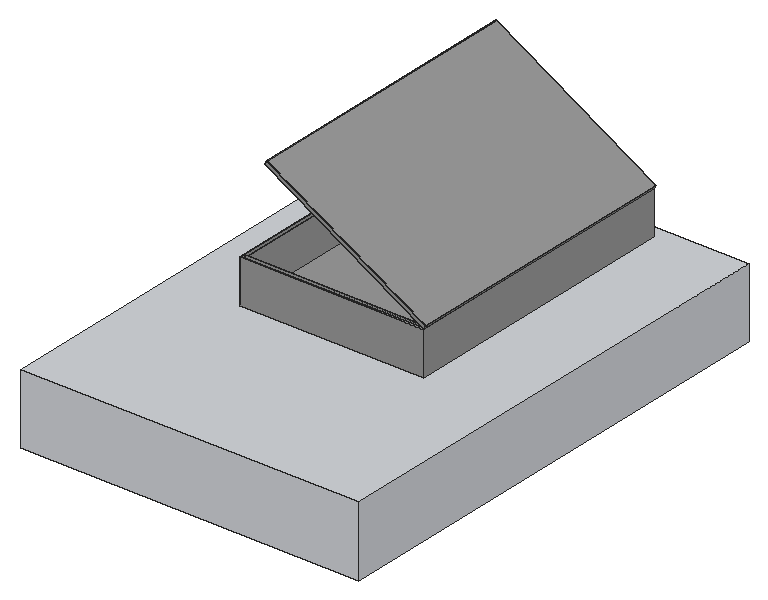
Revit family "Hager-Univers-IP54-D205-H1250-Cl.I-Encl-DE-de", category Equipement électrique, Revit 2020
Family settings
  Hôte = Face
  Configuration du panneau = Deux colonnes, circuits au sein
  Cote de connecteur circulaire = Utiliser le diamètre
  Type d'élément = Tableau de raccordement
  Couper avec des vides une fois chargée = Non
  Partagée = Non
  Point de calcul de pièce = Non
Parameters (values of type "Aufputz IP54 B800 H1250 T205  - FP83TW2")
  Width Control [instance] = if([EF000008 - Breite] > Min Width, [EF000008 - Breite], Min Width)  # 800 mm
  Commentaires du type = [HG000003 - Bereich]  # "Univers"
  Thickness Door [instance] = if([EF009171 - Materialstärke Tür/Deckel] > 3 mm, 3 mm, [EF009171 - Materialstärke Tür/Deckel])  # 1 mm
  Seal Frame Offset [instance] = 17 mm  # constant formula
  Plinth Visibility [instance] = [HG000027 - Sockelhöhe] > 0 mm  # no
  Model = ""
  Min Width [instance] = 100 mm  # constant formula
  Min Height [instance] = 100 mm  # constant formula
  Min Depth [instance] = (2 * [EF009170 - Materialstärke Gehäuse]) + 1 mm  # 3 mm
  Internal Frame Depth [instance] = (Door System Depth * 0.5)  # 9 mm
  Height Control [instance] = if([EF000040 - Höhe] > Min Height, [EF000040 - Höhe], Min Height)  # 1250 mm
  HG000027 - Sockelhöhe = 0 mm
  HG000026 - Stehend auf dem Boden = no
  HG000024 - Höhe des unteren Teils = 800 mm
  HG000023 - Gehäuse mit doppeltem Querschnitt = no
  HG000016 - 3D-Türsichtbarkeit [instance] = yes
  HG000015 - Sichtbarkeit der Türöffnung [instance] = no
  HG000014 - Tür rechts [instance] = yes
  HG000013 - Tür links [instance] = not([HG000014 - Tür rechts])  # no
  HG000012 - Türschwenkwinkel [instance] = 30.00°
  HG000010 - Asymmetrische Türen = no
  HG000009 - Doppelflügeligen Tür = no
  HG000006 - Unterputz = no
  HG000004 - Herstellerreferenz = "FP83TW2"
  HG000003 - Bereich = "Univers"
  HG000002 - Mit tür = yes
  Frame Offset Bottom [instance] = 10 mm  # constant formula
  Frame Offset [instance] = 15 mm  # constant formula
  EF015940 - Deckel mit Überdruckentlastung = no
  EF011959 - Schutzart (NEMA) = ""
  EF009554 - Anzahl der Öffnungen für Flanschplatten = 6
  Fabricant = "Hager"  # constant formula
  EF009212 - Ausführung Deckel = "EV000116 - geschlossen"
  EF009171 - Materialstärke Tür/Deckel = 1 mm
  EF009170 - Materialstärke Gehäuse = 1 mm
  EF008873 - Nennstrom (In) = 250 A
  EF007800 - Geeignet für Blitzschutz = no
  EF006306 - Mit Schloss = no
  EF006244 - Transparenter Deckel/Tür = no
  EF005474 - Schutzart (IP) = "EV006419 - IP54"
  EF004464 - Art der Tür = "EV002646 - Einzel"
  EF004427 - Anzahl der Module = 288
  EF004293 - Schlagfestigkeit = "EV006815 - IK09"
  EF003532 - Geeignet für Außengebrauch = no
  EF002950 - Breite in Teilungseinheiten = 36
  EF001613 - Funktionserhalt = "EV000494 - ohne"
  EF001596 - Werkstoff des Gehäuses = "EV000179 - Stahl"
  EF001131 - Innentiefe = 130 mm
  EF001088 - Anbaumöglichkeit = yes
  EF000437 - Anzahl der Leitungseinführungen = 6
  EF000339 - Art der Abdeckung = "EV001012 - Deckel"
  EF000266 - Anzahl der Reihen = 8
  EF000218 - Einbautiefe = 205 mm
  EF000118 - Mit Montageplatte = no
  EF000116 - RAL-Nummer = "9010"
  EF000049 - Tiefe = 205 mm
  EF000040 - Höhe = 1250 mm
  EF000008 - Breite = 800 mm
  EF000007 - Farbe = "EV000202 - weiß"
  EF000003 - Montageart = "EV000384 - Aufputz"
  Door System Leaf Tolerance [instance] = 1.5 mm  # constant formula
  Door System Depth [instance] = 18 mm  # constant formula
  Door Height [instance] = Height Control - [HG000027 - Sockelhöhe]  # 1250 mm
  Depth Control [instance] = if([EF000049 - Tiefe] > Min Depth, [EF000049 - Tiefe], Min Depth)  # 205 mm
  Default Elevation = 0 mm
  Connector Offset [instance] = Height Control / 2  # 625 mm
  Bottom Top Plate Trim [instance] = 1.5 mm  # constant formula
  Plinth height Ctrl [instance] = if([HG000027 - Sockelhöhe] > 0 mm, [HG000027 - Sockelhöhe], 12 mm)  # 12 mm
Types (7, lengths in mm): name | Width Control | HG000004 - Herstellerreferenz | EF009554 - Anzahl der Öffnungen für Flanschplatten | EF004464 - Art der Tür | EF004427 - Anzahl der Module | EF002950 - Breite in Teilungseinheiten | EF000437 - Anzahl der Leitungseinführungen | EF000008 - Breite
  Aufputz IP54 B1300 H1250 T205  - FP85TW2 | 1300 | "FP85TW2" | 10 | "EV003602 - Doppel" | 480 | 60 | 10 | 1300
  Aufputz IP54 B300 H1250 T205  - FP81TW | 300 | "FP81TW" | 2 | "EV002646 - Einzel" | 96 | 12 | 2 | 300
  Aufputz IP54 B300 H1250 T205  - FP81TW2 | 300 | "FP81TW2" | 2 | "EV002646 - Einzel" | 96 | 12 | 2 | 300
  Aufputz IP54 B550 H1250 T205  - FP82TW | 550 | "FP82TW" | 4 | "EV002646 - Einzel" | 192 | 24 | 4 | 550
  Aufputz IP54 B550 H1250 T205  - FP82TW2 | 550 | "FP82TW2" | 4 | "EV002646 - Einzel" | 192 | 24 | 4 | 550
  Aufputz IP54 B800 H1250 T205  - FP83TW | 800 | "FP83TW" | 6 | "EV002646 - Einzel" | 288 | 36 | 6 | 800
  Aufputz IP54 B800 H1250 T205  - FP83TW2 | 800 | "FP83TW2" | 6 | "EV002646 - Einzel" | 288 | 36 | 6 | 800
Reference planes
  plane 1 "Center (Front/Back)": y = 0
  plane 2: z = 0
  plane 3 "Center (Left/Right)": x = 0
  plane 4: z = 205
  plane 5: y = 1
  plane 6: y = 625
  plane 7: y = 0
  plane 8: y = 1250
  plane 9: z = 0
  plane 10: x = -385
  plane 11: x = 385
  plane 12: x = 384
  plane 13: x = -384
  plane 14: y = 1249
  plane 15: x = -383
  plane 16: x = -400
  plane 17: x = 383
  plane 18: x = 400
  plane 19: x = 399
  plane 20: x = -399
  plane 21: y = 11
  plane 22: y = 1250
  plane 23: y = 1234
  plane 24: z = 187
  plane 25: z = 1
  plane 26: z = 186
  plane 27: z = 204
Forms (mm)
  Extrusion 1, solid
    sketch origin (0, 0, 0) x (1, 0, 0) y (0, 1, 0)
      loop
        line (-702.964, 1305) -> (-702.964, -811.445) -> (766.763, -811.445) -> (766.763, 1305) -> (-702.964, 1305)
    from 0 to -304.8
  Extrusion 2, solid, material "Hager_Steel_RAL7035_Light_Grey", visible <- "Plinth Visibility", detail levels medium+fine
    sketch origin (0, 0, 0) x (1, 0, 0) y (0, 1, 0)
      loop
        line (-400, 0) -> (400, 0) -> (400, 12) -> (-400, 12) -> (-400, 0)
    from 0 to 187
  Extrusion 3, solid, material "Hager_Steel_RAL7035_Light_Grey", detail levels medium+fine
    sketch origin (0, 0, 0) x (1, 0, 0) y (0, 1, 0)
      loop
        line (-400, 0) -> (400, 0) -> (400, 1250) -> (-400, 1250) -> (-400, 0)
    from 0 to 187
  Extrusion 4, void
    sketch origin (0, 0, 0) x (1, 0, 0) y (0, 1, 0)
      loop
        line (-399, 1) -> (399, 1) -> (399, 1249) -> (-399, 1249) -> (-399, 1)
    from 1 to 186
  Extrusion 5, void
    sketch origin (-381.607, -4572, 187) x (0, -1, 0) y (-1, 0, 0)
      loop
        line (-4583, 2.393) -> (-5806, 2.393) -> (-5806, -765.607) -> (-4583, -765.607) -> (-4583, 2.393)
    from 0 to 1 <- "EF009170 - Materialstärke Gehäuse"
  Extrusion 6, solid, material "Hager_Steel_RAL7035_Light_Grey", detail levels fine
    sketch origin (0, 0, 187) x (1, 0, 0) y (0, 1, 0)
      loop
        line (-384, 1234) -> (-384, 11) -> (384, 11) -> (384, 1234) -> (-384, 1234)
      loop
        line (-385, 10) -> (385, 10) -> (385, 1235) -> (-385, 1235) -> (-385, 10)
    from 0 to 9 <- "Internal Frame Depth"
  Extrusion 7, solid, material "Hager_Steel_RAL7035_Light_Grey", detail levels coarse
    sketch origin (0, 0, 0) x (1, 0, 0) y (0, 1, 0)
      loop
        line (-400, 0) -> (400, 0) -> (400, 1250) -> (-400, 1250) -> (-400, 0)
    from 0 to 205
  Sweep 8, void
    path in 3D
      loop
        line (-400, 12, 0) -> (400, 12, 0) -> (400, 12, 187) -> (-400, 12, 187) -> (-400, 12, 0)
    profile origin (-400, 12, 93.5) x (-1, 0, 0) y (0, -1, 0)
      loop
        line (0, 0) -> (0, 1.5) -> (-1.5, 1.5)
        arc (-1.5, 1.5) -> (-1.061, 0.439) -> (0, 0) r 1.5
Cuts and joins
  Extrusion 4, Extrusion 5 cuts Extrusion 3
  Sweep 8 cuts Extrusion 2
Lines and regions (mm)
  Masking region 1
    outline origin (0, 0, 0) x (1, 0, 0) y (0, 0, 1)
      loop
        line (-400, 205) -> (-400, 0) -> (400, 0) -> (400, 205) -> (-400, 205)
  Masking region 2, detail levels medium+fine
    outline origin (0, 140, 0) x (0, 1, 0) y (0, 0, 1)
      loop
        line (-140, 0) -> (1110, 0) -> (1110, 187) -> (-140, 187) -> (-140, 0)
  Masking region 3, not visible, detail levels medium+fine
    outline origin (0, 297.922, 0) x (0, 1, 0) y (0, 0, 1)
      loop
        line (338.578, 0) -> (378.578, 0) -> (378.578, 194)
        arc (378.578, 194) -> (375.649, 201.071) -> (368.578, 204) r 10
        line (368.578, 204) -> (338.578, 204) -> (338.578, 0)
  Masking region 4, detail levels coarse
    outline origin (0, 0, 180) x (0, 1, 0) y (0, 0, 1)
      loop
        line (0, -180) -> (1250, -180) -> (1250, 25) -> (0, 25) -> (0, -180)
  Masking region 5, visible <- "Plinth Visibility", detail levels medium+fine
    outline origin (0, 52.24, 12.345) x (0, 0, -1) y (0, 1, 0)
      loop
        line (10.845, -40.24) -> (-173.155, -40.24)
        arc (-173.155, -40.24) -> (-173.594, -41.301) -> (-174.655, -41.74) r 1.5
        line (-174.655, -41.74) -> (-174.655, -52.24) -> (12.345, -52.24) -> (12.345, -41.74)
        arc (12.345, -41.74) -> (11.285, -41.301) -> (10.845, -40.24) r 1.5
  Masking region 6, detail levels medium+fine
    outline origin (-381.607, -4572, 187) x (-1, 0, 0) y (0, -1, 0)
      loop
        line (18.393, -5822) -> (18.393, -4572) -> (-781.607, -4572) -> (-781.607, -5822) -> (18.393, -5822)
  Masking region 7, visible <- "Plinth Visibility", detail levels medium+fine
    outline origin (-381.607, -4727, 187) x (-1, 0, 0) y (0, -1, 0)
      loop
        arc (16.893, -4739) -> (17.332, -4737.939) -> (18.393, -4737.5) r 1.5
        line (18.393, -4737.5) -> (18.393, -4727) -> (-781.607, -4727) -> (-781.607, -4737.5)
        arc (-781.607, -4737.5) -> (-780.546, -4737.939) -> (-780.107, -4739) r 1.5
        line (-780.107, -4739) -> (16.893, -4739)
  Masking region 8, detail levels coarse
    outline origin (-442.548, -4669.526, 187) x (-1, 0, 0) y (0, -1, 0)
      loop
        line (-42.548, -5919.526) -> (-42.548, -4669.526) -> (-842.548, -4669.526) -> (-842.548, -5919.526) -> (-42.548, -5919.526)
  sketch lines
    curve 1: line (-400, 12, 187) -> (-400, 12, 0)
    curve 2: line (400, 12, 187) -> (-400, 12, 187)
    curve 3: line (400, 12, 187) -> (400, 12, 0)
    curve 4: line (-400, 12, 0) -> (400, 12, 0)
Dimensions and locks
  "Depth Control": plane 4 to Extrusion 1
  "HG000027 - Sockelhöhe": plane 1 "Center (Front/Back)" to plane 7
  "EF009170 - Materialstärke Gehäuse": plane 5 to plane 7
  locked: connector elem to plane 3 "Center (Left/Right)"
  equal spacing: plane 8, plane 6, plane 7
  locked: connector elem to plane 6
  "EF009170 - Materialstärke Gehäuse": plane 8 to plane 14
  "EF009170 - Materialstärke Gehäuse": plane 10 to plane 13
  "EF009170 - Materialstärke Gehäuse": plane 12 to plane 11
  "Frame Offset": plane 20 to plane 13
  "Frame Offset": plane 12 to plane 19
  "EF009170 - Materialstärke Gehäuse": plane 16 to plane 20
  "EF009170 - Materialstärke Gehäuse": plane 19 to plane 18
  "Seal Frame Offset": plane 16 to plane 15
  "Seal Frame Offset": plane 17 to plane 18
  "Frame Offset Bottom": plane 21 to plane 5
  "Frame Offset": plane 14 to plane 23
  equal spacing: plane 16, plane 3 "Center (Left/Right)", plane 18
  "Width Control": plane 16 to plane 18
  "EF009170 - Materialstärke Gehäuse": plane 4 to plane 27
  "EF009170 - Materialstärke Gehäuse": plane 24 to plane 26
  "EF009170 - Materialstärke Gehäuse": plane 25 to level
  "Door System Depth": plane 4 to plane 24
  "Height Control": plane 1 "Center (Front/Back)" to Extrusion 7 sketch curve
  "Height Control": Masking region 4 sketch curve to plane 1 "Center (Front/Back)"
  "Height Control": plane 1 "Center (Front/Back)" to plane 22
  "Bottom Top Plate Trim": profile plane to Sweep 8 sketch curve
  "Bottom Top Plate Trim": Sweep 8 sketch curve to profile plane
  "Plinth height Ctrl": plane 1 "Center (Front/Back)" to Extrusion 2 sketch curve
  "Plinth height Ctrl": Masking region 5 sketch curve to plane 1 "Center (Front/Back)"
  "Plinth height Ctrl": plane 1 "Center (Front/Back)" to Masking region 7 sketch curve
  "Thickness Door": Extrusion 6 sketch curve to Extrusion 6 sketch curve  (x3)
  "Thickness Door": cut or joined group of Extrusion 3, Extrusion 4, Extrusion 5 to Extrusion 6 sketch curve
  radius of Masking region 3 sketch curve = 10 mm
  "Bottom Top Plate Trim": radius of Masking region 5 sketch curve  (x2)
  "Bottom Top Plate Trim": radius of Sweep 8 sketch curve
  "Bottom Top Plate Trim": radius of Masking region 7 sketch curve  (x2)
  aligned and locked: plane 2 to Extrusion 1
  aligned and locked: level to Extrusion 1
  aligned and locked: level to Masking region 1 sketch curve
  aligned and locked: Masking region 1 sketch curve to plane 18
  aligned and locked: Masking region 1 sketch curve to plane 16
  aligned and locked: plane 7 to Masking region 2 sketch curve
  aligned and locked: level to Masking region 3 sketch curve
  aligned and locked: Masking region 3 sketch curve to plane 27
  aligned and locked: level to Masking region 2 sketch curve
  aligned and locked: plane 1 "Center (Front/Back)" to Extrusion 2 sketch curve
  aligned and locked: Extrusion 3 sketch curve to plane 7
  aligned and locked: plane 16 to Extrusion 3 sketch curve
  aligned and locked: plane 18 to Extrusion 3 sketch curve
  aligned and locked: plane 20 to Extrusion 4 sketch curve
  aligned and locked: plane 19 to Extrusion 4 sketch curve
  aligned and locked: Extrusion 4 sketch curve to plane 5
  aligned and locked: Extrusion 4 to plane 25
  aligned and locked: plane 26 to Extrusion 4
  aligned and locked: plane 24 to Extrusion 3
  aligned and locked: Extrusion 5 sketch curve to plane 21
  aligned and locked: Extrusion 5 sketch curve to plane 13
  aligned and locked: Extrusion 5 sketch curve to plane 12
  aligned and locked: plane 18 to Extrusion 7 sketch curve
  aligned and locked: plane 1 "Center (Front/Back)" to Extrusion 7 sketch curve
  aligned and locked: plane 16 to Extrusion 7 sketch curve
  aligned and locked: plane 4 to Extrusion 7
  aligned and locked: Extrusion 7 to level
  aligned and locked: level to Masking region 4 sketch curve
  aligned and locked: Masking region 4 sketch curve to plane 1 "Center (Front/Back)"
  aligned and locked: Masking region 4 sketch curve to plane 4
  aligned and locked: nested 1 to level
  aligned and locked: nested 1 to plane 16
  aligned and locked: plane 8 to Extrusion 3 sketch curve
  aligned and locked: plane 23 to Extrusion 5 sketch curve
  aligned and locked: plane 14 to Extrusion 4 sketch curve
  aligned and locked: Masking region 2 sketch curve to plane 8
  aligned and locked: level to Masking region 5 sketch curve
  aligned and locked: plane 16 to Extrusion 2 sketch curve
  aligned and locked: plane 18 to Extrusion 2 sketch curve
  aligned and locked: Masking region 5 sketch curve to plane 24
  aligned and locked: Masking region 2 sketch curve to plane 24
  aligned and locked: plane 24 to Extrusion 2
  aligned and locked: profile plane to Sweep 8 sketch curve  (x2)
  aligned and locked: Masking region 6 sketch curve to plane 18
  aligned and locked: Masking region 6 sketch curve to plane 22
  aligned and locked: Masking region 6 sketch curve to plane 16
  aligned and locked: plane 8 to plane 22
  aligned and locked: Masking region 6 sketch curve to plane 7
  aligned and locked: Masking region 7 sketch curve to plane 16
  aligned and locked: Masking region 7 sketch curve to plane 1 "Center (Front/Back)"
  aligned and locked: Masking region 7 sketch curve to plane 18
  aligned and locked: Masking region 8 sketch curve to plane 1 "Center (Front/Back)"
  aligned and locked: Masking region 8 sketch curve to plane 18
  aligned and locked: Masking region 8 sketch curve to plane 22
  aligned and locked: Masking region 8 sketch curve to plane 16
  aligned and locked: nested 2 to plane 7
  aligned and locked: plane 3 "Center (Left/Right)" to nested 2
  aligned and locked: nested 2 to plane 24
  aligned and locked: Extrusion 6 sketch curve to cut or joined group of Extrusion 3, Extrusion 4, Extrusion 5  (x4)
Automatic sketch dimensions
  Extrusion 1 sketch curve to Extrusion 1 sketch curve = 1469.727 mm
  Extrusion 1 sketch curve to Extrusion 1 sketch curve = 2116.445 mm
  Masking region 1 sketch curve to plane 4 = 0 mm
  plane 6 to Masking region 3 sketch curve = 11.5 mm
  Masking region 3 sketch curve to Masking region 3 sketch curve = 30 mm
  Masking region 5 sketch curve to plane 1 "Center (Front/Back)" = 0 mm
Nested families
  nested 1: "Hager_Enclosure_Symbol" at (-400, 0, 0) x (1, 0, 0) z (0, -1, 0), Height <- "Depth Control", Width <- "Width Control", type "Hager_Enclosure_Symbol"
    with Width_Ctrl 800 mm, Width 800 mm, Height_Ctrl 205 mm, Height 205 mm, A_Width_Int 13.453 mm, A_Width 161.438 mm, A_Height_Ctrl 179.375 mm, A_Height 179.375 mm
  nested 2: "EC000058_Univers_Door" at (0, 0, 187) x (1, 0, 0) z (0, 1, 0), Leaf_Tolerance <- "Door System Leaf Tolerance", Angle <- "HG000012 - Türschwenkwinkel", Door_Depth <- "Door System Depth", Door_Left <- "HG000013 - Tür links", Transparent <- "EF006244 - Transparenter Deckel/Tür", Assymetrical <- "HG000010 - Asymmetrische Türen", Width <- "Width Control", Clearance <- "HG000015 - Sichtbarkeit der Türöffnung", Double <- "HG000009 - Doppelflügeligen Tür", 3d_Door <- "HG000016 - 3D-Türsichtbarkeit", Lock_Visibility <- "EF006306 - Mit Schloss", Width_Ctrl <- "Width Control", Door_Right <- "HG000014 - Tür rechts", Door <- "HG000002 - Mit tür", Height <- "Door Height", Thickness <- "Thickness Door", type "EC000058_Univers_Door", detail levels medium+fine
    with min_wh 3 mm, Width_Ctrl 800 mm, Width 800 mm, Transparent no, Thickness 1 mm, Seal_Material Hager_Rubber, Lock_Visibility no, Lock_Material Hager_Plastic_RAL9005_Jet_Black, Leaf_Width 800 mm, Leaf_Tolerance_External_Sides 0 mm, Leaf_Tolerance 1.5 mm, Leaf_Offset 0 mm, Leaf_Height 1247 mm, Leaf_2_Width 800 mm, Leaf_2_Offset 400 mm, Leaf_1_Width 800 mm, Leaf_1_Offset 400 mm, Height_Ctrl 1250 mm, Height 1250 mm, Glass_Material Hager_Glass, Double_Clearance_Ctrl no, Double no, Door_Right_Ctrl yes, Door_Right yes, Door_Material Hager_Steel_RAL7035_Light_Grey, Door_Left_Ctrl no, Door_Left no, Door_Depth 18 mm, Door yes, Clearance_Material Hager_Clearance, Clearance_Depth 800 mm, Clearance_Ctrl no, Clearance no, Assymetrical no, Angle 30.00°, 3d_Door yes
Connectors
  electrical at (0, 625, 0)
    settings: on plane 9, index 1, voltage 0 V, apparent load 0 VA, apparent load phase1 0 VA, apparent load phase2 0 VA, apparent load phase3 0 VA, power factor 1, load classification "Other", number of poles 1, system type 30, power factor state 1, is connector primary yes, connector utility no, sub classification motor no, connector description ""
Definition of nested family "EC000058_Univers_Door"
  Parameters (values of type "EC000058_Univers_Door")
    min_wh [instance] = (2 * Thickness) + 1 mm  # 11 mm
    Width_Ctrl [instance] = 400 mm
    Width [instance] = 500 mm
    Transparent [instance] = yes
    Thickness [instance] = 5 mm
    Seal_Material [instance] = none
    Lock_Visibility [instance] = yes
    Lock_Material [instance] = none
    Leaf_Width [instance] = if((Width_Ctrl - 2 * Leaf_Tolerance_External_Sides) > 0 mm, (Width_Ctrl - 2 * Leaf_Tolerance_External_Sides), min_wh)  # 400 mm
    Leaf_Tolerance_External_Sides [instance] = 0 mm  # constant formula
    Leaf_Tolerance [instance] = 1.5 mm
    Leaf_Offset [instance] = 0 mm  # constant formula
    Leaf_Height [instance] = if((Height_Ctrl - 2 * Leaf_Tolerance) > 0 mm, (Height_Ctrl - 2 * Leaf_Tolerance), min_wh)  # 497 mm
    Leaf_2_Width [instance] = if(and(and(Double, Assymetrical), Door_Left), (Leaf_Width / 3) - (Leaf_Tolerance / 2), if(and(and(Double, Assymetrical), Door_Right), (Leaf_Width / 3) * 2 - (Leaf_Tolerance / 2), if(and(Double, not(Assymetrical)), (Leaf_Width / 2) - Leaf_Tolerance, Leaf_Width)))  # 400 mm
    Leaf_2_Offset [instance] = if(and(Double, Assymetrical), Leaf_2_Width / 2, if(and(Double, not(Assymetrical)), Leaf_Width / 4, Leaf_Width / 2))  # 200 mm
    Leaf_1_Width [instance] = if(and(and(Double, Assymetrical), Door_Right), (Leaf_Width / 3) - (Leaf_Tolerance / 2), if(and(and(Double, Assymetrical), Door_Left), (Width / 3) * 2 - (Leaf_Tolerance / 2), if(and(Double, not(Assymetrical)), (Leaf_Width / 2) - Leaf_Tolerance, Leaf_Width)))  # 400 mm
    Leaf_1_Offset [instance] = if(and(Double, Assymetrical), Leaf_1_Width / 2, if(and(Double, not(Assymetrical)), Leaf_Width / 4, Leaf_Width / 2))  # 200 mm
    Height_Ctrl [instance] = if(Height > min_wh, Height, min_wh)  # 500 mm
    Height [instance] = 500 mm
    Glass_Material [instance] = none
    Double_Clearance_Ctrl [instance] = and(Double, Clearance)  # no
    Double [instance] = no
    Door_Right_Ctrl [instance] = and(or(Door_Right, Double), Door)  # yes
    Door_Right [instance] = yes
    Door_Material [instance] = none
    Door_Left_Ctrl [instance] = and(or(Door_Left, Double), Door)  # no
    Door_Left [instance] = no
    Door_Depth [instance] = 30 mm
    Door [instance] = yes
    Default Elevation = 1219.2 mm
    Clearance_Material [instance] = none
    Clearance_Depth [instance] = if(Leaf_1_Width > Leaf_2_Width, Leaf_1_Width, Leaf_2_Width)  # 400 mm
    Clearance_Ctrl [instance] = and(not(Double), Clearance)  # yes
    Clearance [instance] = yes
    Assymetrical [instance] = yes
    Angle [instance] = 30.00°
    3d_Door [instance] = yes
  Reference planes
    plane 1 "Center (Front/Back)": y = 0
    plane 2 "Bottom": z = 0
    plane 3 "Center (Left/Right)": x = 0
    plane 4: z = 500
    plane 5: x = -200
    plane 6: x = 200
    plane 7: z = 500
    plane 8: x = -200
    plane 9: z = 0
    plane 10: x = 200
    plane 11: y = 0
    plane 12: z = 1.5
    plane 13: x = -600
    plane 14: y = -400
    plane 15: x = 600
    plane 16: x = 0
    plane 17: x = 0
    plane 18: x = -200
    plane 19: x = 200
    plane 20: z = 498.5
  Forms (mm)
    Extrusion 1, solid, material <- "Clearance_Material", visible <- "Double_Clearance_Ctrl"
      sketch origin (1200, 0, 0) x (1, 0, 0) y (0, 0, -1)
        loop
          line (-1800, -498.5) -> (-600, -498.5) -> (-600, 0) -> (-1800, 0) -> (-1800, -498.5)
      from 0 to -400
  Dimensions and locks
    equal spacing: plane 5, plane 3 "Center (Left/Right)", plane 6
    "Width_Ctrl": plane 5 to plane 6
    "Leaf_Offset": plane 5 to plane 8
    "Leaf_Offset": plane 6 to plane 10
    "Leaf_Offset": plane 9 to level
    "Leaf_Offset": plane 4 to plane 7
    "Height_Ctrl": plane 4 to level
    "Leaf_Tolerance": plane 12 to plane 9
    locked: plane 11 to plane 1 "Center (Front/Back)"
    "Leaf_1_Offset": plane 18 to plane 16
    "Leaf_2_Offset": plane 17 to plane 19
    "Leaf_1_Width": plane 13 to plane 8
    "Leaf_2_Width": plane 10 to plane 15
    "Clearance_Depth": plane 14 to plane 1 "Center (Front/Back)"
    "Leaf_Tolerance_External_Sides": plane 8 to plane 18
    "Leaf_Tolerance_External_Sides": plane 19 to plane 10
    "Leaf_Tolerance": plane 7 to plane 20
    aligned and locked: level to plane 2 "Bottom"
    aligned and locked: nested 1 to plane 16
    aligned and locked: nested 2 to plane 17
    aligned and locked: Extrusion 1 to plane 13
    aligned and locked: plane 15 to Extrusion 1
    aligned and locked: Extrusion 1 to plane 14
    aligned and locked: plane 12 to nested 1
    aligned and locked: nested 2 to plane 12
    aligned and locked: Extrusion 1 to plane 11
    aligned and locked: plane 20 to Extrusion 1
    aligned and locked: nested 2 to plane 11
    aligned and locked: nested 1 to plane 11
  Automatic sketch dimensions
    Extrusion 1 sketch curve to level = 0 mm
    plane 5 to Extrusion 1 sketch curve = 400 mm
    plane 6 to Extrusion 1 sketch curve = 400 mm
    Extrusion 1 sketch curve to plane 4 = 1.5 mm
  Nested families
    nested 1: "EC000058_Univers_Door_Leaf" at (0, 0, 1.5), Width <- "Leaf_1_Width", visible <- "Door_Left_Ctrl", Leaf_Height <- "Leaf_Height", Angle <- "Angle", 3d_Door <- "3d_Door", Transparent <- "Transparent", Clearance Material <- "Clearance_Material", Clearance <- "Clearance_Ctrl", Door_Material <- "Door_Material", Glass_Material <- "Glass_Material", Door_Depth <- "Door_Depth", Lock_Material <- "Lock_Material", Seal_Material <- "Seal_Material", Lock_Visibility <- "Lock_Visibility", Thickness <- "Thickness", type "EC000058_Univers_Door_Leaf"
      with Width 400 mm, Transparent_Glass_Offset 30 mm, Transparent_Ctrl yes, Transparent yes, Thickness 5 mm, Standard no, Seal_Material none, Seal_D2 8 mm, Seal_D1 1 mm, Offset_Internal_Frame 10 mm, Lock_Width 20 mm, Lock_Visibility_3d yes, Lock_Visibility yes, Lock_Thickness_3 3 mm, Lock_Thickness_2 1 mm, Lock_Thickness_1 3 mm, Lock_Radius_Offset_2 16 mm, Lock_Radius_Offset_1 15 mm, Lock_Radius_2 5 mm, Lock_Radius 6 mm, Lock_Offset 5 mm, Lock_Material none, Lock_Height 80 mm, Lock_Cover_Top_Offset_2d 17 mm, Lock_Cover_Height -65 mm, Leaf_Height 497 mm, Internal_Seal_Thickness 8 mm, Internal_Seal_Depth_2 4.5 mm, Internal_Frame_Depth 25 mm, Glass_Thickness -1 mm, Glass_Offset -2 mm, Glass_Material none, Door_Material none, Door_Depth 30 mm, Clearance Material none, Clearance yes, Angle_Ctrl 30.00°, Angle 30.00°, 3d_Door yes
    nested 2: "EC000058_Univers_Door_Leaf" at (0, 0, 1.5) x (-1, 0, 0) z (0, 0, 1), Width <- "Leaf_2_Width", visible <- "Door_Right_Ctrl", Leaf_Height <- "Leaf_Height", Angle <- "Angle", 3d_Door <- "3d_Door", Transparent <- "Transparent", Clearance Material <- "Clearance_Material", Clearance <- "Clearance_Ctrl", Door_Material <- "Door_Material", Glass_Material <- "Glass_Material", Door_Depth <- "Door_Depth", Lock_Material <- "Lock_Material", Seal_Material <- "Seal_Material", Lock_Visibility <- "Lock_Visibility", Thickness <- "Thickness", type "EC000058_Univers_Door_Leaf"
      with Width 400 mm, Transparent_Glass_Offset 30 mm, Transparent_Ctrl yes, Transparent yes, Thickness 5 mm, Standard no, Seal_Material none, Seal_D2 8 mm, Seal_D1 1 mm, Offset_Internal_Frame 10 mm, Lock_Width 20 mm, Lock_Visibility_3d yes, Lock_Visibility yes, Lock_Thickness_3 3 mm, Lock_Thickness_2 1 mm, Lock_Thickness_1 3 mm, Lock_Radius_Offset_2 16 mm, Lock_Radius_Offset_1 15 mm, Lock_Radius_2 5 mm, Lock_Radius 6 mm, Lock_Offset 5 mm, Lock_Material none, Lock_Height 80 mm, Lock_Cover_Top_Offset_2d 17 mm, Lock_Cover_Height -65 mm, Leaf_Height 497 mm, Internal_Seal_Thickness 8 mm, Internal_Seal_Depth_2 4.5 mm, Internal_Frame_Depth 25 mm, Glass_Thickness -1 mm, Glass_Offset -2 mm, Glass_Material none, Door_Material none, Door_Depth 30 mm, Clearance Material none, Clearance yes, Angle_Ctrl 30.00°, Angle 30.00°, 3d_Door yes
  Definition of nested family "EC000058_Univers_Door_Leaf"
    Parameters (values of type "EC000058_Univers_Door_Leaf")
      Width [instance] = 2000 mm
      Transparent_Glass_Offset [instance] = 30 mm
      Transparent_Ctrl [instance] = and(Transparent, [3d_Door])  # yes
      Transparent [instance] = yes
      Thickness [instance] = 5 mm
      Standard [instance] = and(not(Transparent), [3d_Door])  # no
      Seal_Material [instance] = none
      Seal_D2 [instance] = 8 mm  # constant formula
      Seal_D1 [instance] = 1 mm  # constant formula
      Offset_Internal_Frame [instance] = 10 mm  # constant formula
      Lock_Width [instance] = 20 mm  # constant formula
      Lock_Visibility_3d [instance] = and(Lock_Visibility, [3d_Door])  # yes
      Lock_Visibility [instance] = yes
      Lock_Thickness_3 [instance] = 3 mm  # constant formula
      Lock_Thickness_2 [instance] = 1 mm  # constant formula
      Lock_Thickness_1 [instance] = 3 mm  # constant formula
      Lock_Radius_Offset_2 [instance] = Lock_Radius_Offset_1 + 1 mm  # 16 mm
      Lock_Radius_Offset_1 [instance] = 15 mm  # constant formula
      Lock_Radius_2 [instance] = Lock_Radius - 1 mm  # 5 mm
      Lock_Radius [instance] = 6 mm  # constant formula
      Lock_Offset [instance] = 5 mm  # constant formula
      Lock_Material [instance] = none
      Lock_Height [instance] = 80 mm  # constant formula
      Lock_Cover_Top_Offset_2d [instance] = Lock_Radius_Offset_2 + 1 mm  # 17 mm
      Lock_Cover_Height [instance] = -(Lock_Height - Lock_Radius_Offset_1)  # -65 mm
      Leaf_Height [instance] = 2720.336 mm
      Internal_Seal_Thickness [instance] = 8 mm  # constant formula
      Internal_Seal_Depth_2 [instance] = 4.5 mm  # constant formula
      Internal_Frame_Depth [instance] = if(Door_Depth - Thickness > 5 mm, Door_Depth - Thickness, 5 mm)  # 25 mm
      Glass_Thickness [instance] = if(Thickness > 15 mm, Glass_Offset + 10 mm, -1 mm)  # -1 mm
      Glass_Offset [instance] = if(Thickness > 15 mm, -(Thickness + 10 mm) / 2, -2 mm)  # -2 mm
      Glass_Material [instance] = none
      Door_Material [instance] = none
      Door_Depth [instance] = 30 mm
      Default Elevation = 0 mm
      Clearance Material [instance] = none
      Clearance [instance] = yes
      Angle_Ctrl [instance] = if(Angle > 180.00°, 180.00°, Angle)  # 90.00°
      Angle [instance] = 90.00°
      3d_Door [instance] = yes
    Reference planes
      plane 1 "Center (Front/Back)": y = 0
      plane 2: z = 0
      plane 3 "Center (Left/Right)": x = 0
      plane 4: y = 2000
      plane 5: x = -1000
      plane 6: x = 1000
      plane 7: x = -3000
      plane 8: z = 2720.336
      plane 9: z = 30
      plane 10: z = 2690.336
      plane 11: x = 970
      plane 12: x = -970
      plane 13: y = -3
      plane 14: z = 107.833
      plane 15: y = -5
      plane 16: y = -223.314
      plane 17: x = -1000
      plane 18: z = 1360.168
      plane 19: y = 30
    Forms (mm)
      Extrusion 1, solid, material <- "Clearance Material", visible <- "Clearance"
        sketch origin (0, 0, 0) x (1, 0, 0) y (0, 0, 1)
          loop
            line (-3000, 2720.336) -> (-3000, 0) -> (1000, 0) -> (1000, 2720.336) -> (-3000, 2720.336)
        from 0 to -2000
      Extrusion 2, solid, material <- "Door_Material", visible <- "Standard", detail levels medium+fine
        sketch origin (-1000, 0, 0) x (0, 1, 0) y (-1, 0, 0)
          loop
            line (0, 30) -> (0, 25) -> (2000, 25) -> (2000, 30) -> (0, 30)
        from 0 to 2720.336 <- "Leaf_Height"
      Extrusion 3, solid, material <- "Door_Material", visible <- "Transparent_Ctrl", detail levels medium+fine
        sketch origin (-1000, 0, 0) x (0, 1, 0) y (-1, 0, 0)
          loop
            line (0, 25) -> (2000, 25) -> (2000, 30) -> (0, 30) -> (0, 25)
        from 0 to 2720.336 <- "Leaf_Height"
      Extrusion 4, void
        sketch origin (-1025, 2000, 0) x (0, 1, 0) y (0, 0, -1)
          loop
            line (-30, -2690.336) -> (-30, -30) -> (-1970, -30) -> (-1970, -2690.336) -> (-30, -2690.336)
        from 0 to 5 <- "Thickness"
      Sweep 5, solid, material <- "Seal_Material", visible <- "Transparent_Ctrl", detail levels fine
        path in 3D
          loop
            line (-1025, 30, 30) -> (-1025, 30, 2690.336) -> (-1025, 1970, 2690.336) -> (-1025, 1970, 30) -> (-1025, 30, 30)
        profile origin (-1025, 1000, 30) x (1, 0, 0) y (0, 0, 1)
          loop
            line (0, 0) -> (0, -8) -> (1, -8) -> (1, 0) -> (0, 0)
      Extrusion 6, solid, material <- "Glass_Material", visible <- "Transparent_Ctrl", detail levels medium+fine
        sketch origin (-1030, 0, 0) x (0, 1, 0) y (0, 0, -1)
          loop
            line (1970, -2690.336) -> (1970, -30) -> (30, -30) -> (30, -2690.336) -> (1970, -2690.336)
        from -2 <- "Glass_Offset" to -1 <- "Glass_Thickness"
      Extrusion 7, solid, material <- "Door_Material", visible <- "3d_Door", detail levels medium+fine
        sketch origin (-1025, 2000, 0) x (0, -1, 0) y (0, 0, -1)
          loop
            line (0, -2720.336) -> (2000, -2720.336) -> (2000, 0) -> (0, 0) -> (0, -2720.336)
          loop
            line (1995, -5) -> (5, -5) -> (5, -2715.336) -> (1995, -2715.336) -> (1995, -5)
        from 0 to 25 <- "Internal_Frame_Depth"
      Sweep 8, solid, material <- "Seal_Material", visible <- "Transparent_Ctrl", detail levels fine
        path in 3D
          loop
            line (-1025, 0, 0) -> (-1025, 2000, 0) -> (-1025, 2000, 2720.336) -> (-1025, 0, 2720.336) -> (-1025, 0, 0)
        profile origin (-1025, 0, 1360.168) x (1, 0, 0) y (0, 1, 0)
          loop
            line (0, 10) -> (2.975, 10)
            arc (2.975, 10) -> (4.053, 10.447) -> (4.5, 11.525) r 1.525
            line (4.5, 11.525) -> (4.5, 16.527)
            arc (4.5, 16.527) -> (4.069, 17.569) -> (3.027, 18) r 1.473
            line (3.027, 18) -> (0, 18) -> (0, 10)
      Extrusion 9, solid, material <- "Lock_Material", visible <- "Lock_Visibility_3d", detail levels fine
        sketch origin (-1030, 0, 0) x (0, 1, 0) y (0, 0, -1)
          loop
            arc (1993.5, -1400.168) -> (1994.561, -1399.729) -> (1995, -1398.668) r 1.5
            line (1995, -1398.668) -> (1995, -1320.168) -> (1975, -1320.168) -> (1975, -1398.668)
            arc (1975, -1398.668) -> (1975.439, -1399.729) -> (1976.5, -1400.168) r 1.5
            line (1976.5, -1400.168) -> (1993.5, -1400.168)
        from 3 <- "Lock_Thickness_1" to 0
      Blend 10, solid, material <- "Lock_Material", visible <- "Lock_Visibility_3d", detail levels fine
        base sketch origin (-1033, 0, 0) x (0, 1, 0) y (0, 0, -1)
          loop
            line (1975, -1320.168) -> (1975, -1398.668)
            arc (1975, -1398.668) -> (1975.439, -1399.729) -> (1976.5, -1400.168) r 1.5
            line (1976.5, -1400.168) -> (1993.5, -1400.168)
            arc (1993.5, -1400.168) -> (1994.561, -1399.729) -> (1995, -1398.668) r 1.5
            line (1995, -1398.668) -> (1995, -1320.168) -> (1975, -1320.168)
        top sketch origin (-1033, 0, 0) x (0, 1, 0) y (0, 0, -1)
          loop
            line (1976, -1320.168) -> (1976, -1398.668)
            arc (1976, -1398.668) -> (1976.146, -1399.022) -> (1976.5, -1399.168) r 0.5
            line (1976.5, -1399.168) -> (1993.5, -1399.168)
            arc (1993.5, -1399.168) -> (1993.854, -1399.022) -> (1994, -1398.668) r 0.5
            line (1994, -1398.668) -> (1994, -1320.168) -> (1976, -1320.168)
        from 0 to 1 <- "Lock_Thickness_2"
      Blend 11, solid, material <- "Lock_Material", visible <- "Lock_Visibility_3d", detail levels fine
        base sketch origin (-1034, 0, 0) x (0, 1, 0) y (0, 0, -1)
          loop
            line (1978, -1320.168) -> (1978, -1384.168)
            arc (1978, -1384.168) -> (1985, -1391.168) -> (1992, -1384.168) r 7
            line (1992, -1384.168) -> (1992, -1320.168) -> (1978, -1320.168)
        top sketch origin (-1034, 0, 0) x (0, 1, 0) y (0, 0, -1)
          loop
            line (1991, -1320.168) -> (1979, -1320.168) -> (1979, -1383.168)
            arc (1979, -1383.168) -> (1985, -1389.168) -> (1991, -1383.168) r 6
            line (1991, -1383.168) -> (1991, -1320.168)
        from 0 to 3 <- "Lock_Thickness_3"
      Extrusion 12, solid, material <- "Lock_Material", visible <- "Lock_Visibility_3d", detail levels fine
        sketch origin (-1030, 1975, 1320.168) x (1, 0, 0) y (0, -1, 0)
          loop
            line (-7, -19) -> (-7, -1) -> (0, -1) -> (0, 0) -> (-8, 0) -> (-8, -20) -> (0, -20) -> (0, -19) -> (-7, -19)
        from 0 to -65 <- "Lock_Cover_Height"
      Extrusion 13, void
        sketch origin (-1038, 1995, 1320.168) x (-1, 0, 0) y (0, 0, -1)
          loop
            line (-5, -65) -> (0, -65) -> (-5, -60) -> (-5, -65)
        from 0 to 20 <- "Lock_Width"
      Extrusion 14, void
        sketch origin (-1038, 1975, 1320.168) x (0, -1, 0) y (0, 0, -1)
          loop
            circle (-10, -15.995) r 6
          loop
            circle (-10, -15.995) r 5
        from 0 to 2
      Extrusion 15, solid, material <- "Lock_Material", visible <- "Lock_Visibility_3d", detail levels medium
        sketch origin (-1030, 0, 0) x (0, 1, 0) y (0, 0, -1)
          loop
            arc (1993.5, -1400.168) -> (1994.561, -1399.729) -> (1995, -1398.668) r 1.5
            line (1995, -1398.668) -> (1995, -1320.168) -> (1975, -1320.168) -> (1975, -1398.668)
            arc (1975, -1398.668) -> (1975.439, -1399.729) -> (1976.5, -1400.168) r 1.5
            line (1976.5, -1400.168) -> (1993.5, -1400.168)
        from 8 to 0
    Cuts and joins
      Extrusion 4 cuts Extrusion 3
      Extrusion 13, Extrusion 14 cuts Extrusion 9
      Extrusion 14 cuts Blend 11
      Extrusion 13, Extrusion 14 cuts Extrusion 12
      joined: Extrusion 9, Blend 10, Blend 11, Extrusion 12
      Extrusion 14 cuts Extrusion 15
    Lines and regions (mm)
      Masking region 1, visible <- "Lock_Visibility", detail levels fine
        outline origin (0, 0, 0) x (0, 1, 0) y (0, 0, 1)
          loop
            line (30, 1320.168) -> (33, 1320.168) -> (33, 1400.168) -> (30, 1400.168) -> (30, 1320.168)
      Masking region 2, visible <- "Lock_Visibility", detail levels fine
        outline origin (0, 3.143, 0) x (0, 1, 0) y (0, 0, 1)
          loop
            line (29.857, 1354.168) -> (30.857, 1354.168) -> (30.857, 1366.168) -> (29.857, 1366.168) -> (29.857, 1354.168)
      Masking region 3, detail levels medium+fine
        outline origin (0, 0, 0) x (0, 1, 0) y (0, 0, 1)
          loop
            line (0, 0) -> (30, 0) -> (30, 2720.336) -> (0, 2720.336) -> (0, 0)
      Masking region 4, detail levels medium+fine
        outline origin (0, 0, 0) x (1, 0, 0) y (0, 0, 1)
          loop
            line (-1000, 2720.336) -> (-1000, 0) -> (1000, 0) -> (1000, 2720.336) -> (-1000, 2720.336)
      Masking region 5, visible <- "Lock_Visibility", detail levels fine
        outline origin (-47.116, 0, 0) x (1, 0, 0) y (0, 0, 1)
          loop
            arc (1024.616, 1399.168) -> (1023.556, 1398.729) -> (1023.116, 1397.668) r 1.5
            line (1023.116, 1397.668) -> (1023.116, 1320.168) -> (1041.116, 1320.168) -> (1041.116, 1397.668)
            arc (1041.116, 1397.668) -> (1040.677, 1398.729) -> (1039.616, 1399.168) r 1.5
            line (1039.616, 1399.168) -> (1024.616, 1399.168)
      Masking region 6, visible <- "Lock_Visibility", detail levels medium+fine
        outline origin (-25, 0, 0) x (1, 0, 0) y (0, 0, 1)
          loop
            arc (1001.5, 1400.168) -> (1000.439, 1399.729) -> (1000, 1398.668) r 1.5
            line (1000, 1398.668) -> (1000, 1320.168) -> (1020, 1320.168) -> (1020, 1398.668)
            arc (1020, 1398.668) -> (1019.561, 1399.729) -> (1018.5, 1400.168) r 1.5
            line (1018.5, 1400.168) -> (1001.5, 1400.168)
      Masking region 7, visible <- "Lock_Visibility", detail levels fine
        outline origin (-73.735, 0, 0) x (1, 0, 0) y (0, 0, 1)
          loop
            line (1051.735, 1382.168) -> (1065.735, 1382.168) -> (1065.735, 1384.168)
            arc (1065.735, 1384.168) -> (1058.735, 1391.168) -> (1051.735, 1384.168) r 7
            line (1051.735, 1384.168) -> (1051.735, 1382.168)
      Masking region 8, visible <- "Lock_Visibility", detail levels fine
        outline origin (-73.735, 0, 0) x (1, 0, 0) y (0, 0, 1)
          loop
            line (1052.735, 1382.168) -> (1064.735, 1382.168) -> (1064.735, 1383.168)
            arc (1064.735, 1383.168) -> (1058.735, 1389.168) -> (1052.735, 1383.168) r 6
            line (1052.735, 1383.168) -> (1052.735, 1382.168)
      Masking region 9, visible <- "Lock_Visibility", detail levels fine
        outline origin (-25, 0, 0) x (1, 0, 0) y (0, 0, 1)
          loop
            line (1020, 1320.168) -> (1020, 1382.168) -> (1000, 1382.168) -> (1000, 1320.168) -> (1020, 1320.168)
      Masking region 10, detail levels medium+fine
        outline origin (0, 0, 0) x (1, 0, 0) y (0, 0, 1)
          loop
            circle (985, 1335.144) r 6
      Masking region 11, detail levels fine
        outline origin (0, 0, 0) x (1, 0, 0) y (0, 0, 1)
          loop
            circle (985, 1335.144) r 5
      Masking region 12, visible <- "Lock_Visibility", detail levels fine
        outline origin (0, 12.767, 0) x (0, 1, 0) y (0, 0, 1)
          loop
            line (20.233, 1320.168) -> (21.233, 1320.168) -> (21.233, 1399.168) -> (20.233, 1400.168) -> (20.233, 1320.168)
      Masking region 13, visible <- "Lock_Visibility", detail levels fine
        outline origin (0, 13.767, -10) x (0, 1, 0) y (0, 0, 1)
          loop
            line (20.233, 1330.168) -> (23.233, 1330.168) -> (23.233, 1399.168) -> (20.233, 1402.168) -> (20.233, 1330.168)
      Masking region 14, visible <- "Lock_Visibility", detail levels fine
        outline origin (0, 12.767, -10) x (0, 1, 0) y (0, 0, 1)
          loop
            line (20.233, 1330.168) -> (25.233, 1330.168) -> (25.233, 1399.305) -> (20.233, 1394.305) -> (20.233, 1330.168)
      Masking region 15, visible <- "Lock_Visibility", detail levels medium
        outline origin (0, 0, 0) x (0, 1, 0) y (0, 0, 1)
          loop
            line (30, 1320.168) -> (38, 1320.168) -> (38, 1400.168) -> (30, 1400.168) -> (30, 1320.168)
      Masking region 16, visible <- "Lock_Visibility", detail levels fine
        outline origin (-1000, 0, 0) x (0, 1, 0) y (-1, 0, 0)
          loop
            line (1975, 30) -> (1995, 30) -> (1995, 38) -> (1975, 38) -> (1975, 30)
          loop
            line (1979, 37) -> (1976, 37) -> (1976, 34) -> (1978, 34) -> (1979, 37)
          loop
            line (1994, 37) -> (1991, 37) -> (1992, 34) -> (1994, 34) -> (1994, 37)
      Masking region 17, visible <- "Lock_Visibility", detail levels medium
        outline origin (-1000, 0, 0) x (0, 1, 0) y (-1, 0, 0)
          loop
            line (1975, 30) -> (1995, 30) -> (1995, 38) -> (1975, 38) -> (1975, 30)
      symbolic lines
        curve 1: line (1000, 0, 0) -> (-3000, 0, 0)
        curve 2: arc (1000, 0, 0) -> (-1000, 2000, 0) -> (-3000, 0, 0) r 2000
        curve 4: line (-1030, 0, 0) -> (-1030, 2000, 0)
      reference lines
        curve 3: line (-1000, 0, 0) -> (-1000, 2000, 0)
      symbolic lines, detail levels medium+fine
        curve 5: line (-1030, 2000, 0) -> (-1025, 2000, 0)
        curve 7: line (-1025, 0, 0) -> (-1030, 0, 0)
        curve 8: line (-1025, 0, 0) -> (-1000, 0, 0)
        curve 9: line (-1000, 0, 0) -> (-1000, 2000, 0)
        curve 10: line (-1000, 2000, 0) -> (-1025, 2000, 0)
      symbolic lines, detail levels fine
        curve 6: line (-1025, 2000, 0) -> (-1025, 0, 0)
      sketch lines
        curve 11: line (-1025, 0, 2720.336) -> (-1025, 0, 0)
        curve 12: line (-1025, 2000, 0) -> (-1025, 0, 0)
        curve 13: line (-1025, 2000, 2720.336) -> (-1025, 2000, 0)
        curve 14: line (-1025, 0, 2720.336) -> (-1025, 2000, 2720.336)
        curve 15: line (-1025, 1970, 30) -> (-1025, 30, 30)
        curve 16: line (-1025, 30, 30) -> (-1025, 30, 2690.336)
        curve 17: line (-1025, 1970, 2690.336) -> (-1025, 1970, 30)
        curve 18: line (-1025, 30, 2690.336) -> (-1025, 1970, 2690.336)
      symbolic lines, visible <- "Transparent", detail levels medium+fine
        curve 19: line (-970, 0, 2690.336) -> (970, 0, 2690.336)
        curve 20: line (-970, 0, 30) -> (-970, 0, 2690.336)
        curve 21: line (970, 0, 30) -> (-970, 0, 30)
        curve 22: line (970, 0, 2690.336) -> (970, 0, 30)
    Dimensions and locks
      "Width": plane 1 "Center (Front/Back)" to plane 4
      equal spacing: plane 5, plane 3 "Center (Left/Right)", plane 6
      "Width": plane 5 to plane 6
      "Width": plane 7 to plane 5
      "Leaf_Height": plane 8 to level
      "Width": curve 5 to curve 3
      "Width": curve 3 to curve 3
      plane 8 to plane 10 = 30 mm
      plane 9 to level = 30 mm
      plane 12 to plane 5 = 30 mm
      plane 6 to plane 11 = 30 mm
      Extrusion 1 to Extrusion 4 sketch curve = 30 mm
      "Transparent_Glass_Offset": curve 3 to Extrusion 4 sketch curve
      "Transparent_Glass_Offset": Extrusion 4 sketch curve to cut or joined group of Extrusion 3, Extrusion 4  (x2)
      cut or joined group of Extrusion 3, Extrusion 4 to Extrusion 6 sketch curve = 30 mm
      "Transparent_Glass_Offset": cut or joined group of Extrusion 3, Extrusion 4 to Extrusion 4 sketch curve
      "Thickness": curve 6 to curve 4
      "Thickness": Extrusion 7 sketch curve to Extrusion 7 sketch curve  (x4)
      "Door_Depth": curve 4 to curve 3
      "Offset_Internal_Frame": profile plane to Sweep 8 sketch curve
      "Internal_Seal_Thickness": Sweep 8 sketch curve to Sweep 8 sketch curve
      "Internal_Seal_Depth_2": profile plane to Sweep 8 sketch curve
      "Seal_D1": profile plane to Sweep 5 sketch curve
      "Seal_D2": profile plane to Sweep 5 sketch curve
      "Thickness": Extrusion 2 sketch curve to Extrusion 2 sketch curve
      equal spacing: Extrusion 9 sketch curve, plane 18, Extrusion 9 sketch curve  (x2)
      equal spacing: Masking region 1 sketch curve, plane 18, Masking region 1 sketch curve
      "Lock_Height": Masking region 1 sketch curve to Masking region 1 sketch curve
      "Lock_Radius": Masking region 2 sketch curve to plane 18 to Masking region 2 sketch curve
      Masking region 2 sketch curve to Masking region 1 = 1 mm
      "Door_Depth": plane 19 to plane 1 "Center (Front/Back)"
      "Lock_Thickness_1": Masking region 1 sketch curve to plane 19
      "Lock_Width": Extrusion 9 sketch curve to Extrusion 9 sketch curve
      "Lock_Height": Extrusion 9 sketch curve to Extrusion 9 sketch curve
      "Lock_Offset": cut or joined group of Extrusion 3, Extrusion 4 to Extrusion 9 sketch curve
      equal spacing: plane 8, plane 18, level
      "Lock_Radius_Offset_1": Blend 11 sketch curve to Blend 10
      locked: Blend 10 to Blend 11 sketch curve at 2  (x2)
      locked: var sketch to Blend 11 sketch curve at 1  (x2)
      "Lock_Radius_Offset_2": Blend 11 sketch curve to Blend 10
      locked: Extrusion 12 sketch curve to Extrusion 12 sketch curve at 1  (x3)
      Masking region 6 sketch curve to Masking region 6 sketch curve = 80 mm
      "Lock_Height": Masking region 6 sketch curve to Masking region 6 sketch curve
      "Lock_Width": Masking region 6 sketch curve to Masking region 6 sketch curve
      locked: Masking region 6 to Masking region 5 sketch curve at 1  (x3)
      locked: Masking region 5 to Masking region 7 sketch curve at 2  (x2)
      "Lock_Radius_Offset_1": Masking region 5 to Masking region 7 sketch curve
      "Lock_Radius_Offset_2": Masking region 5 to Masking region 8 sketch curve
      locked: Masking region 7 to Masking region 8 sketch curve at 1  (x2)
      "Lock_Cover_Top_Offset_2d": Masking region 5 to Masking region 9 sketch curve
      equal spacing: Masking region 9, Masking region 10 sketch curve, Masking region 9
      equal spacing: Masking region 9, Masking region 11 sketch curve, Masking region 9
      Extrusion 15 sketch curve to Extrusion 15 sketch curve = 80 mm
      "Lock_Width": Extrusion 15 sketch curve to Extrusion 15 sketch curve
      "Lock_Height": Extrusion 15 sketch curve to Extrusion 15 sketch curve
      equal spacing: Extrusion 15 sketch curve, plane 18, Extrusion 15 sketch curve
      "Lock_Thickness_3": Masking region 13 sketch curve to Masking region 13 sketch curve
      "Lock_Height": Masking region 12 sketch curve to Masking region 12 sketch curve
      locked: Masking region 13 sketch curve to Masking region 1 at 8
      locked: Masking region 14 sketch curve to Masking region 13 at 1
      locked: Masking region 14 sketch curve to Masking region 1 at 10.863
      "Lock_Height": Masking region 15 sketch curve to Masking region 15 sketch curve
      "Lock_Offset": Extrusion 15 sketch curve to cut or joined group of Extrusion 3, Extrusion 4
      "Lock_Offset": plane 6 to Masking region 6 sketch curve
      radius of Sweep 8 sketch curve = 1.525 mm
      radius of Sweep 8 sketch curve = 1.473 mm
      radius of Extrusion 9 sketch curve = 1.5 mm  (x2)
      "Lock_Radius": radius of Extrusion 14 sketch curve
      "Lock_Radius_2": radius of Extrusion 14 sketch curve
      "Lock_Radius": radius of Masking region 10 sketch curve
      "Lock_Radius_2": radius of Masking region 11 sketch curve
      radius of Extrusion 15 sketch curve = 1.5 mm  (x2)
      "Angle_Ctrl": angle plane 1 "Center (Front/Back)" to curve 3
      locked: Masking region 12 sketch curve to Masking region 12 sketch curve (angle 45.00°)
      locked: Masking region 13 sketch curve to Masking region 13 sketch curve (angle 45.00°)
      locked: Masking region 14 sketch curve to Masking region 14 sketch curve (angle 45.00°)
      aligned and locked: level to plane 2
      aligned and locked: Extrusion 1 to curve 1
      aligned and locked: plane 6 to Extrusion 1
      aligned and locked: Extrusion 1 to plane 1 "Center (Front/Back)"
      aligned and locked: plane 4 to Extrusion 1
      aligned and locked: plane 8 to Extrusion 1
      aligned and locked: curve 7 to Extrusion 2 sketch curve
      aligned and locked: curve 5 to Extrusion 2 sketch curve
      aligned and locked: curve 7 to Extrusion 3 sketch curve
      aligned and locked: Extrusion 3 sketch curve to curve 4
      aligned and locked: Extrusion 3 sketch curve to curve 6
      aligned and locked: Extrusion 3 sketch curve to curve 5
      aligned and locked: curve 9 to curve 3
      aligned and locked: Extrusion 7 sketch curve to cut or joined group of Extrusion 3, Extrusion 4  (x4)
      aligned and locked: plane 17 to curve 3
      aligned and locked: plane 1 "Center (Front/Back)" to curve 3
      aligned and locked: plane 17 to plane 5
      aligned and locked: Sweep 8 sketch curve to profile plane
      aligned and locked: Sweep 5 sketch curve to profile plane  (x2)
      aligned and locked: Masking region 1 to Masking region 2 sketch curve
      aligned and locked: plane 19 to Masking region 1 sketch curve
      aligned and locked: plane 1 "Center (Front/Back)" to Masking region 3 sketch curve
      aligned and locked: plane 19 to Masking region 3 sketch curve
      aligned and locked: level to Masking region 3 sketch curve
      aligned and locked: Masking region 3 sketch curve to plane 8
      aligned and locked: plane 17 to Masking region 4 sketch curve
      aligned and locked: level to Masking region 4 sketch curve
      aligned and locked: Masking region 4 sketch curve to plane 8
      aligned and locked: plane 12 to curve 20
      aligned and locked: plane 10 to curve 19
      aligned and locked: plane 11 to curve 22
      aligned and locked: curve 21 to plane 9
      aligned and locked: Extrusion 2 sketch curve to cut or joined group of Extrusion 3, Extrusion 4
      aligned and locked: Blend 10 sketch curve to Extrusion 9  (x4)
      aligned and locked: Extrusion 9 to Blend 10 sketch curve
      aligned and locked: Blend 10 to Blend 11 sketch curve
      aligned and locked: Extrusion 12 sketch curve to Blend 11
      aligned and locked: Extrusion 12 sketch curve to Extrusion 9  (x4)
      aligned and locked: Masking region 5 sketch curve to Masking region 6
      aligned and locked: Masking region 9 sketch curve to Masking region 6  (x3)
      aligned and locked: Masking region 12 sketch curve to Masking region 1
      aligned and locked: Masking region 13 sketch curve to Masking region 1
      aligned and locked: Masking region 12 to Masking region 14
      aligned and locked: Masking region 14 sketch curve to Masking region 1
      aligned and locked: Masking region 15 sketch curve to Masking region 14
      aligned and locked: Masking region 13 sketch curve to Masking region 12
      aligned and locked: Masking region 16 sketch curve to cut or joined group of Extrusion 14, Extrusion 15  (x4)
      aligned and locked: Masking region 16 sketch curve to cut or joined group of Extrusion 9, Blend 10, Blend 11, Extrusion 12, Extrusion 13, Extrusion 14  (x6)
      aligned and locked: cut or joined group of Extrusion 9, Blend 10, Blend 11, Extrusion 12, Extrusion 13, Extrusion 14 to Masking region 16 sketch curve
      aligned and locked: Masking region 17 sketch curve to cut or joined group of Extrusion 14, Extrusion 15  (x3)
      aligned and locked: Masking region 17 sketch curve to cut or joined group of Extrusion 9, Blend 10, Blend 11, Extrusion 12, Extrusion 13, Extrusion 14
      aligned and locked: Masking region 9 to Masking region 8 sketch curve
      aligned and locked: Masking region 9 to Masking region 7 sketch curve
    Automatic sketch dimensions
      plane 1 "Center (Front/Back)" to curve 2 = 0 mm
      curve 2 to plane 5 = 0 mm
      Extrusion 1 sketch curve to level = 0 mm
      Extrusion 1 sketch curve to plane 7 = 0 mm
      Extrusion 1 sketch curve to plane 6 = 0 mm
      Extrusion 1 sketch curve to plane 8 = 0 mm
      Extrusion 3 to Extrusion 6 sketch curve = 30 mm  (x4)
      Masking region 4 sketch curve to plane 6 = 0 mm
      Blend 10 sketch curve to Extrusion 9 = 1.5 mm
      Blend 10 sketch curve to Extrusion 9 = 1 mm
      Extrusion 13 sketch curve to Extrusion 12 = 0 mm  (x2)
      Extrusion 12 to Extrusion 13 sketch curve = 3 mm
      Extrusion 13 sketch curve to Extrusion 12 = 5 mm
      Extrusion 14 sketch curve to Extrusion 14 sketch curve = 0 mm  (x2)
      Extrusion 14 sketch curve to Extrusion 12 = 10 mm
      Extrusion 14 sketch curve to Extrusion 12 = 15.995 mm
      Masking region 5 sketch curve to Masking region 5 sketch curve = 1.5 mm  (x2)
      Masking region 10 sketch curve to plane 18 = 25.024 mm
      Masking region 11 sketch curve to plane 18 = 25.024 mm
      plane 19 to Masking region 14 sketch curve = 3 mm
      Masking region 16 sketch curve to Masking region 16 sketch curve = 3 mm
      curve 4 to curve 3 = 0 mm
      Blend 10 to Blend 11 sketch curve = 0 mm
      Masking region 6 sketch curve to Masking region 6 sketch curve = 1.5 mm  (x2)
      Masking region 6 sketch curve to plane 18 = 40 mm
      plane 19 to Masking region 12 sketch curve = 3 mm
      Masking region 12 sketch curve to Masking region 12 sketch curve = 1 mm
      Masking region 15 sketch curve to plane 19 = 0 mm
      Masking region 15 sketch curve to plane 18 = 40 mm
      radius of Blend 10 sketch curve to Extrusion 9 = 1 mm
Definition of nested family "Hager_Enclosure_Symbol"
  Parameters (values of type "Hager_Enclosure_Symbol")
    Width_Ctrl [instance] = if(Width > 1 mm, Width, 1 mm)  # 102.27 mm
    Width [instance] = 102.27 mm
    Height_Ctrl [instance] = if(Height > 1 mm, Height, 1 mm)  # 66.5 mm
    A_Width_Int [instance] = if(A_Width / 12 > 2 mm, A_Width / 12, 2 mm)  # 4.364 mm
    A_Width [instance] = if(A_Height_Ctrl * 0.9 > 2 mm, A_Height_Ctrl * 0.9, 2 mm)  # 52.369 mm
    A_Height_Ctrl [instance] = if(A_Height > 2 mm, A_Height, 2 mm)  # 58.188 mm
    Height [instance] = 66.5 mm
    A_Height [instance] = Height - (Height / 8)  # 58.188 mm
  Reference planes
    plane 1 "Centre (avant/arrière)": y = 0
    plane 2: z = 0
    plane 3 "Centre (gauche/droite)": x = 0
    plane 4: x = 52.369
    plane 5: y = 33.042
    plane 6: y = 41.77
    plane 7: y = 66.5
    plane 8: x = 26.184
    plane 9: y = 37.406
    plane 10: x = 102.27
    plane 11: y = 66.5
    plane 12: y = 8.313
  Lines and regions (mm)
    Filled region 1, type "Solid_Black", in view "Niveau de réf."
      outline origin (0, 0, 0) x (1, 0, 0) y (0, 1, 0)
        loop
          line (52.369, 66.5) -> (33.188, 54.536) -> (45.365, 45.006) -> (52.369, 66.5)
    Filled region 2, type "Solid_Black", in view "Niveau de réf."
      outline origin (0, 0, 0) x (1, 0, 0) y (0, 1, 0)
        loop
          line (0, 0) -> (102.27, 0) -> (102.27, 66.5) -> (0, 0)
    detail lines, in view "Niveau de réf."
      curve 1: line (0, 8.313, 0) -> (26.184, 41.77, 0)
      curve 2: line (26.184, 41.77, 0) -> (26.184, 33.042, 0)
      curve 3: line (26.184, 33.042, 0) -> (52.369, 66.5, 0)
  Dimensions and locks
    "A_Width": plane 3 "Centre (gauche/droite)" to plane 4
    equal spacing: plane 3 "Centre (gauche/droite)", plane 8, plane 4
    equal spacing: plane 6, plane 9, plane 5
    equal spacing: curve 3, Filled region 1 sketch curve, Filled region 1 sketch curve
    "Height_Ctrl": plane 1 "Centre (avant/arrière)" to plane 11
    "A_Height_Ctrl": plane 11 to plane 12
    equal spacing: plane 11, plane 9, plane 12
    "A_Width_Int": plane 6 to plane 9
    "Width_Ctrl": plane 3 "Centre (gauche/droite)" to plane 10
    angle Filled region 1 sketch curve to curve 3 = 20.00°
    angle curve 3 to Filled region 1 sketch curve = 20.00°
    locked: curve 3 to Filled region 1 sketch curve (angle 90.00°)
    aligned and locked: plane 10 to Filled region 2
    aligned and locked: plane 11 to Filled region 2 sketch curve
    aligned and locked: plane 10 to Filled region 2 sketch curve
    aligned and locked: plane 3 "Centre (gauche/droite)" to curve 1
    aligned and locked: plane 12 to curve 1
    aligned and locked: plane 7 to plane 11
  Automatic sketch dimensions
    Filled region 1 sketch curve to plane 4 = 0 mm
    Filled region 1 sketch curve to plane 7 = 0 mm
    plane 1 "Centre (avant/arrière)" to Filled region 2 sketch curve = 0 mm
    Filled region 2 sketch curve to plane 3 "Centre (gauche/droite)" = 0 mm
    curve 2 to plane 6 = 0 mm
    curve 2 to plane 8 = 0 mm
    curve 3 to plane 4 = 0 mm
    curve 2 to plane 5 = 0 mm
    curve 3 to plane 7 = 0 mm
